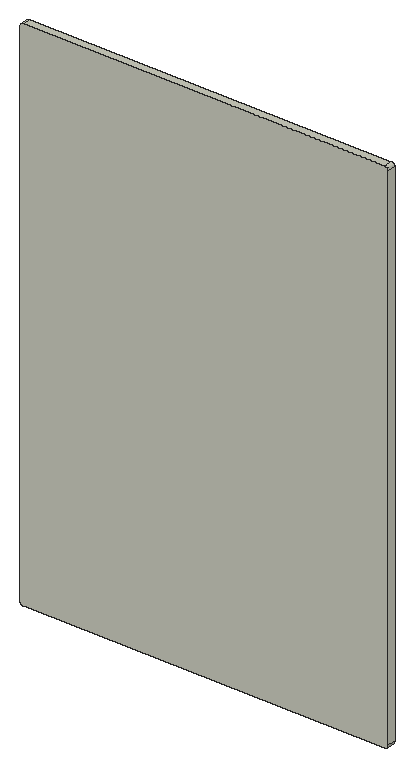
Revit family "Haworth_Masters_Tile_Special", category Furniture Systems, Revit 2018
Family settings
  Round Connector Dimension = Use Diameter
  Part Type = Normal
  OmniClass Number = 23.40.70.14.64.21
  OmniClass Title = Systems Furniture
  Work Plane-Based = No
  Always vertical = Yes
  Cut with Voids When Loaded = No
  Shared = No
  Room Calculation Point = No
Parameters (values of type "36" Wide x 51" High")
  Warranty = "www.haworth.com/en-us/Products/Pages/Certifications.aspx"
  URL - Product = "http://www.haworth.com/en-us/Products/Furniture/Wood-Furniture/Pages/MastersSeries.aspx"
  URL = "www.haworth.com"
  Type Comments = ""
  Sustainability Info = "www.haworth.com/en-us/About-Us/Sustainability/Pages/Vision.aspx"
  Size = "Verify Final Dim. w/ Haworth"  # constant formula
  Screen Finish = Haworth - Fabric - Crisp Backed - Mica 95-M03
  Screen Depth = 3/4"  # constant formula
  Revision Number = "1"  # constant formula
  Model = "Haworth_Masters-Tile_Special"  # constant formula
  Min. Width = 30"  # constant formula
  Max. Width = 120"  # constant formula
  Manufacturer = "Haworth"  # constant formula
  LEED Data = "http://www.haworth.com/_layouts/Haworth.ProductCatalog/Handlers/GetAsset.ashx/Masters_Series_LEED_contributions.pdf?cid=121&rid=2230&type=Leed"
  Description = "Haworth_Masters-Tile_Special"
  Author = "Haworth (Hampton)"  # constant formula
  Assembly Code = "E2020200"
  Actual Width = 36"
  Actual Height = 51"
Reference planes (in)
  plane 1 "Center F/B": y = 0
  plane 2: z = 0
  plane 3 "Center L/R": x = 0
  plane 4 "Top": z = 51
  plane 5 "Bottom": z = 0
  plane 6 "Left": x = -18
  plane 7 "Right": x = 18
  plane 8 "Back": y = 0.375
  plane 9 "Front": y = -0.375
Forms (in)
  Extrusion 1, solid, material "Haworth - Fabric - Crisp Backed - Mica 95-M03" <- "Screen Finish"
    sketch origin (0, 0, 24) x (1, 0, 0) y (0, 0, 1)
      loop
        arc (-17.6875, 27) -> (-17.90847, 26.90847) -> (-18, 26.6875) r 0.3125
        line (-18, 26.6875) -> (-18, -23.6875)
        arc (-18, -23.6875) -> (-17.90847, -23.90847) -> (-17.6875, -24) r 0.3125
        line (-17.6875, -24) -> (17.6875, -24)
        arc (17.6875, -24) -> (17.90847, -23.90847) -> (18, -23.6875) r 0.3125
        line (18, -23.6875) -> (18, 26.6875)
        arc (18, 26.6875) -> (17.90847, 26.90847) -> (17.6875, 27) r 0.3125
        line (17.6875, 27) -> (-17.6875, 27)
    from 0.375 to -0.375
Lines and regions (in)
  Masking region 1
    outline origin (0, 0, 0) x (1, 0, 0) y (0, 1, 0)
      loop
        line (-18, 0.375) -> (-18, -0.375) -> (18, -0.375) -> (18, 0.375) -> (-18, 0.375)
Dimensions and locks (in)
  "Actual Height": plane 4 "Top" to plane 5 "Bottom"
  equal spacing: plane 7 "Right", plane 3 "Center L/R", plane 6 "Left"
  "Actual Width": plane 6 "Left" to plane 7 "Right"
  "Screen Depth": plane 8 "Back" to plane 9 "Front"
  equal spacing: plane 8 "Back", plane 1 "Center F/B", plane 9 "Front"
  aligned and locked: Extrusion 1 sketch curve to plane 4 "Top"
  aligned and locked: Extrusion 1 sketch curve to plane 7 "Right"
  aligned and locked: plane 8 "Back" to Extrusion 1
  aligned and locked: plane 9 "Front" to Extrusion 1
  aligned and locked: Masking region 1 sketch curve to Extrusion 1  (x2)
  aligned and locked: plane 9 "Front" to Masking region 1 sketch curve
  aligned and locked: plane 7 "Right" to Masking region 1 sketch curve
  aligned and locked: plane 5 "Bottom" to plane 2
Automatic sketch dimensions
  Extrusion 1 sketch curve to plane 6 "Left" = 0"
  Extrusion 1 sketch curve to plane 5 "Bottom" = 0"
  plane 6 "Left" to Extrusion 1 sketch curve = 5/16"  (x2)
  plane 7 "Right" to Extrusion 1 sketch curve = 5/16"
  Extrusion 1 sketch curve to plane 4 "Top" = 5/16"
